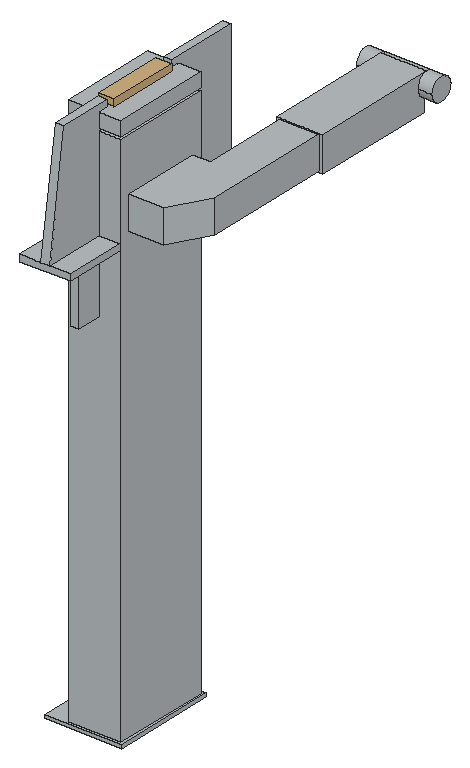
Revit family "Safety_Truck-Restraint_Nova-Tech_TruckLockANCHOR-Cast", category Generic Models, host Face, Revit 2017
Family settings
  Host = Face
  Can host rebar = No
  Round Connector Dimension = Use Diameter
  Part Type = Normal
  OmniClass Number = 23.50.70.27
  OmniClass Title = Truck Restraints
  Cut with Voids When Loaded = No
  Shared = No
  Room Calculation Point = No
Parameters
  nonconcretevoid [instance] = if(Concrete Drive Install, 4' 0", 0' 0")  # 4' - 0"
  concretevoid [instance] = if(Concrete Drive Install, 0' 0", 4' 0")  # 0' - 0"
  Warranty Duration (Years) = 0
  Unit Width = 1' - 3 59/64"
  Unit Height = 0' - 10"
  Unit Depth = 2' - 1 5/128"
  URL = "http://www.novalocks.com/"
  Test Data = ""
  Specification = "http://arcat.com/arcatcos/cos43/arc43493.html?isac=1&r=2"
  SpecWizard = ""
  Send Message = "http://www.arcat.com/users.pl?action=UserEmail&company=Nova+Technology&coid=43493&rep=132&fax=262-502-1511&mf="
  Sales Information = "http://www.novalocks.com/general-contact-info/"
  Revision = "R1_4_2013"
  Restraint [instance] = Metal - Nova - Yellow
  Product Properties = ""
  Product Data = "http://arcat.com/arcatcos/cos43/arc43493.html?isac=1&r=2"
  NonConcrete Drive Install [instance] = not(Concrete Drive Install)  # no
  Model = "As Specified"
  Manufacturer Website = "http://www.novalocks.com/"
  Manufacturer Phone - Toll Free = "800-236-7325"
  Manufacturer Phone = "262-502-1591"
  Manufacturer Fax = "262-502-1511"
  Manufacturer Address = "N90 W14507 Commerce Dr. Menomonee Falls, WI 53051"
  Manufacturer = "Nova Technology"
  Maintenance Schedule (Months) = 0
  Keynote = "11160"
  Installation-Fabrication = ""
  Installation Phase = ""
  Green Building-LEED = ""
  Fixture Material = Metal - Nova - Zinc Coated Steel
  Expected Lifespan (Years) = 0
  Drawn By = "Sumex Design, Inc. / Robert S. Weygant, CSI, CDT, SCIP"
  Dock Bumper Thickness [instance] = 0' - 4"
  Description = "Nova Technology Dock Product as Specified"
  Default Elevation = 4' - 0"
  Core Depth = 2' - 6"
  Copyright = "©Arcat Inc."
  Construction Details = ""
  Concrete Drive Thickness [instance] = 0' - 5 213/256"
  Concrete Drive Install [instance] = yes
  Building Codes = ""
  Assembly Code = "E1030300"
Reference planes (in)
  plane 1 "Center (Front/Back)": y = 10.76898
  plane 2: z = 0
  plane 3 "Center (Left/Right)": x = 0
  plane 4: y = 8.44898
  plane 5: y = 12.76898
  plane 6 "Dock Bumper Face": y = 22.76898
  plane 7 "Dock Wall": y = 26.76898
  plane 8: z = -30
  plane 9: z = 0
  plane 10: z = 48
  plane 11: z = 18
  plane 12: z = 30
Forms (in)
  Extrusion 1, void
    sketch origin (0, 0, 0) x (1, 0, 0) y (0, 1, 0)
      loop
        circle (0, 10.76898) r 5
    from 0 to -30
  Extrusion 2, solid, material "Metal - Nova - Zinc Coated Steel" <- "Fixture Material"
    sketch origin (0, 2.55, 0) x (0, 1, 0) y (0, 0, 1)
      loop
        line (1.27398, 0.39844) -> (5.64898, 0.39844) -> (5.64898, 7.5) -> (2.3836, 7.5) -> (1.27398, 0.39844)
      loop
        line (5.02398, 0) -> (3.52398, 0) -> (3.52398, -4) -> (5.02398, -4) -> (5.02398, 0)
      loop
        line (15.03898, 0.39844) -> (15.03898, 7.5) -> (10.53898, 7.5) -> (10.53898, 0.39844) -> (15.03898, 0.39844)
      loop
        line (11.02398, 0) -> (11.02398, -4) -> (12.52398, -4) -> (12.52398, 0) -> (11.02398, 0)
    from 0.25 to -0.25
  Extrusion 3, solid, material "Metal - Nova - Yellow" <- "Restraint"
    sketch origin (0, 2.55, 0) x (0, 1, 0) y (0, 0, 1)
      loop
        line (5.89898, 7.5) -> (5.89898, -26.63156) -> (10.21898, -26.63156) -> (10.21898, 7.5) -> (5.89898, 7.5)
    from -0.48047 to 0.48047
  Extrusion 4, solid, material "Metal - Nova - Zinc Coated Steel" <- "Fixture Material"
    sketch origin (0, 0, 0) x (0, 1, 0) y (0, 0, 1)
      loop
        line (7.57398, -26.63156) -> (13.57398, -26.63156) -> (13.57398, 6.07661) -> (7.57398, 6.07661) -> (7.57398, -26.63156)
    from 1.60156 to -1.60156
  Extrusion 5, solid, material "Metal - Nova - Zinc Coated Steel" <- "Fixture Material"
    sketch origin (0, 0, 0) x (1, 0, 0) y (0, 1, 0)
      loop
        line (-1.60156, 13.57398) -> (-1.60156, 7.57398) -> (1.60156, 7.57398) -> (1.60156, 13.57398) -> (-1.60156, 13.57398)
    from 6.24169 to 7.11696
  Extrusion 6, solid, material "Metal - Nova - Zinc Coated Steel" <- "Fixture Material"
    sketch origin (0, 0, 3.415) x (0, 1, 0) y (0, 0, 1)
      loop
        circle (26.08148, -1.10906) r 0.6875
    from 1.6319 to 6.1919
  Extrusion 7, solid, material "Metal - Nova - Zinc Coated Steel" <- "Fixture Material"
    sketch origin (0, 0, -1.085) x (0, 1, 0) y (0, 0, 1)
      loop
        line (26.08148, 4.07844) -> (18.19898, 4.07844) -> (18.19898, 1.92245) -> (25.83148, 1.92245) -> (25.83148, 3.89483)
        arc (25.83148, 3.89483) -> (26.18793, 3.94327) -> (26.50085, 3.76582) r 0.5625
        line (26.50085, 3.76582) -> (26.50085, 3.06085) -> (26.62585, 3.06085) -> (26.62585, 3.81085)
        arc (26.62585, 3.81085) -> (26.38477, 4.00792) -> (26.08148, 4.07844) r 0.6875
    from 2.51844 to 5.30537
  Extrusion 8, solid, material "Metal - Nova - Zinc Coated Steel" <- "Fixture Material"
    sketch origin (0, 0, 0) x (0, 1, 0) y (0, 0, 1)
      loop
        line (17.34398, 0.39844) -> (3.82398, 0.39844) -> (3.82398, 0) -> (17.34398, 0) -> (17.34398, 0.39844)
    from -1.51953 to 1.51953
  Extrusion 9, solid, material "Metal - Nova - Zinc Coated Steel" <- "Fixture Material"
    sketch origin (0, 0, 0) x (0, 1, 0) y (0, 0, 1)
      loop
        line (13.76148, -26.63156) -> (7.38648, -26.63156) -> (7.38648, -26.81906) -> (13.76148, -26.81906) -> (13.76148, -26.63156)
    from -2.85156 to 1.78906
  Extrusion 10, void
    sketch origin (0, 0, 0) x (0, 1, 0) y (0, 0, 1)
      loop
        line (2.16448, -5.83203) -> (5.76898, -19.84205) -> (5.76898, -30) -> (15.76898, -30) -> (15.76898, -16.83263) -> (26.76898, -14.89304) -> (26.76898, -5.83203) -> (2.16448, -5.83203)
    from 5 to -5
  Extrusion 11, void
    sketch origin (29, 31.3103, 48) x (1, 0, 0) y (0, -1, 0)
      loop
        line (-17, 4.54131) -> (-17, 40.54131) -> (-41, 40.54131) -> (-41, 4.54131) -> (-17, 4.54131)
    from 0 to 10
  Extrusion 12, void
    sketch origin (0, 0, 0) x (1, 0, 0) y (0, 1, 0)
      loop
        line (-5, 26.76898) -> (-5, 10.76898)
        arc (-5, 10.76898) -> (0, 5.76898) -> (5, 10.76898) r 5
        line (5, 10.76898) -> (5, 26.76898) -> (-5, 26.76898)
    from 30 to 48
  Extrusion 13, solid, material "Metal - Nova - Zinc Coated Steel" <- "Fixture Material"
    sketch origin (0, 0.00489, 0) x (1, 0, 0) y (0, 1, 0)
      loop
        line (1.60156, 8.07398) -> (3.76156, 8.07398) -> (5.06156, 10.32565) -> (5.06156, 20.82565) -> (2.74156, 20.82565) -> (2.74156, 12.94898) -> (1.60156, 12.94898) -> (1.60156, 8.07398)
    from 0.91171 to 2.91016
Cuts and joins
  Extrusion 10 cuts Extrusion 5
  Extrusion 10 cuts Extrusion 6
  Extrusion 10 cuts Extrusion 7
  Extrusion 10 cuts Extrusion 8
  joined: Extrusion 2, Extrusion 4, Extrusion 5, Extrusion 6, Extrusion 7, Extrusion 8, Extrusion 9
Dimensions and locks (in)
  locked: plane 6 "Dock Bumper Face" to plane 1 "Center (Front/Back)" at 12
  locked: plane 6 "Dock Bumper Face" to plane 5 at 10
  locked: plane 5 to plane 4 at 4.32
  "Dock Bumper Thickness": plane 7 "Dock Wall" to plane 6 "Dock Bumper Face"
  "Core Depth": level to plane 8
  Extrusion 4 sketch curve to plane 1 "Center (Front/Back)" to Extrusion 4 sketch curve = 0' - 3.195" locked, 0' - 2.805" locked
  locked: Extrusion 6 sketch curve to plane 7 "Dock Wall" at 0.6875
  Extrusion 7 sketch curve to Extrusion 7 sketch curve to Extrusion 7 sketch curve to plane 7 "Dock Wall" = 0' - 0.66936" locked, 0' - 0 1/8" locked, 0' - 0.14314" locked
  "concretevoid": plane 9 to level
  "Concrete Drive Thickness": plane 9 to Extrusion 10 sketch curve
  plane 9 to Extrusion 10 sketch curve to Extrusion 10 sketch curve = 1' - 2.89304" locked, 0' - 1.9396" locked
  locked: plane 9 to Extrusion 10 sketch curve at 19.84205
  "Core Depth": plane 9 to Extrusion 10 sketch curve
  "nonconcretevoid": plane 10 to level
  locked: plane 6 "Dock Bumper Face" to Extrusion 12 sketch curve at 12
  "Core Depth": plane 10 to plane 11
  locked: plane 1 "Center (Front/Back)" to Extrusion 7 sketch curve at 7.43
  locked: plane 10 to plane 12 at 18
  aligned and locked: plane 2 to host face
  aligned and locked: level to host face
  aligned and locked: Extrusion 1 to plane 8
  aligned and locked: level to Extrusion 1
  aligned and locked: Extrusion 10 sketch curve to plane 7 "Dock Wall"
  aligned and locked: Extrusion 12 sketch curve to plane 7 "Dock Wall"
  aligned and locked: plane 10 to Extrusion 12
  aligned and locked: Extrusion 12 to plane 12
Automatic sketch dimensions
  host sketch curve to host sketch curve = 8' - 0"  (x2)
  Extrusion 1 sketch curve to plane 1 "Center (Front/Back)" = 0' - 0"
  Extrusion 1 sketch curve to plane 3 "Center (Left/Right)" = 0' - 0"
  Extrusion 3 sketch curve to plane 4 = 0' - 0"
  Extrusion 3 sketch curve to plane 5 = 0' - 0"
  plane 8 to Extrusion 3 sketch curve = 0' - 3.36844"
  plane 8 to Extrusion 4 sketch curve = 0' - 3.36844"
  Extrusion 5 sketch curve to plane 3 "Center (Left/Right)" = 0' - 1 77/128"
  plane 3 "Center (Left/Right)" to Extrusion 5 sketch curve = 0' - 1 77/128"
  Extrusion 5 sketch curve to plane 4 = 0' - 0 7/8"
  plane 5 to Extrusion 5 sketch curve = 0' - 0.805"
  Extrusion 9 sketch curve to plane 4 = 0' - 1 1/16"
  plane 5 to Extrusion 9 sketch curve = 0' - 0.9925"
  plane 8 to Extrusion 9 sketch curve = 0' - 3.18094"
  Extrusion 9 sketch curve to Extrusion 9 sketch curve = 0' - 0 3/16"
  plane 5 to Extrusion 10 sketch curve = 0' - 3"
  Extrusion 10 sketch curve to plane 4 = 0' - 2.68"
  Extrusion 10 sketch curve to plane 4 = 0' - 6.2845"
  Extrusion 11 sketch curve to plane 7 "Dock Wall" = 0' - 0"
  Extrusion 11 sketch curve to plane 3 "Center (Left/Right)" = 1' - 0"
  Extrusion 11 sketch curve to Extrusion 11 sketch curve = 2' - 0"
  Extrusion 11 sketch curve to plane 4 = 1' - 5.68"
  Extrusion 12 sketch curve to plane 3 "Center (Left/Right)" = 0' - 0"
  Extrusion 12 sketch curve to Extrusion 12 sketch curve = 0' - 5"
  Extrusion 3 sketch curve to plane 11 = 0' - 10 1/2"
  level to Extrusion 4 sketch curve = 0' - 6.07661"
  level to Extrusion 6 sketch curve = 0' - 2.30594"
  Extrusion 8 sketch curve to level = 0' - 0"
  Extrusion 8 sketch curve to plane 4 = 0' - 4 5/8"
  plane 5 to Extrusion 8 sketch curve = 0' - 4.575"
  Extrusion 8 sketch curve to Extrusion 8 sketch curve = 0' - 0 51/128"
  Extrusion 2 sketch curve to level = 0' - 0"  (x2)
  level to Extrusion 2 sketch curve = 0' - 0 51/128"  (x2)
  Extrusion 2 sketch curve to plane 4 = 0' - 4 5/8"
  Extrusion 2 sketch curve to plane 4 = 0' - 3.51538"
  Extrusion 2 sketch curve to Extrusion 2 sketch curve = 0' - 2 1/4"
  Extrusion 2 sketch curve to plane 4 = 0' - 0 7/8"
  Extrusion 2 sketch curve to plane 4 = 0' - 0 1/4"
  plane 5 to Extrusion 2 sketch curve = 0' - 0.32"
  Extrusion 2 sketch curve to Extrusion 2 sketch curve = 0' - 0.485"
  Extrusion 2 sketch curve to Extrusion 2 sketch curve = 0' - 1 1/2"
  Extrusion 2 sketch curve to Extrusion 2 sketch curve = 0' - 2.515"
  Extrusion 2 sketch curve to Extrusion 2 sketch curve = 0' - 4"  (x2)
  Extrusion 2 sketch curve to Extrusion 2 sketch curve = 0' - 7 13/128"  (x2)
  Extrusion 13 sketch curve to plane 4 = 0' - 0.37011"
  plane 3 "Center (Left/Right)" to Extrusion 13 sketch curve = 0' - 1 77/128"
  plane 5 to Extrusion 13 sketch curve = 0' - 0.18489"
  Extrusion 13 sketch curve to Extrusion 13 sketch curve = 0' - 1.14"
  Extrusion 13 sketch curve to Extrusion 13 sketch curve = 0' - 2.16"
  plane 1 "Center (Front/Back)" to Extrusion 13 sketch curve = 0' - 0.43844"
  Extrusion 13 sketch curve to Extrusion 13 sketch curve = 0' - 1.3"
  Extrusion 13 sketch curve to plane 6 "Dock Bumper Face" = 0' - 1.93844"
  Extrusion 7 sketch curve to Extrusion 7 sketch curve = 0' - 0"  (x2)
  Extrusion 7 sketch curve to Extrusion 7 sketch curve = 0' - 0.41936"
  level to Extrusion 7 sketch curve = 0' - 0.83745"
  Extrusion 7 sketch curve to Extrusion 7 sketch curve = 0' - 1.1384"
  Extrusion 7 sketch curve to Extrusion 7 sketch curve = 0' - 0.33009"
  Extrusion 7 sketch curve to Extrusion 7 sketch curve = 0' - 0.37489"
  Extrusion 7 sketch curve to Extrusion 7 sketch curve = 0' - 0.04502"
  radius of Extrusion 1 sketch curve = 0' - 5"
  radius of Extrusion 6 sketch curve = 0' - 0 11/16"
